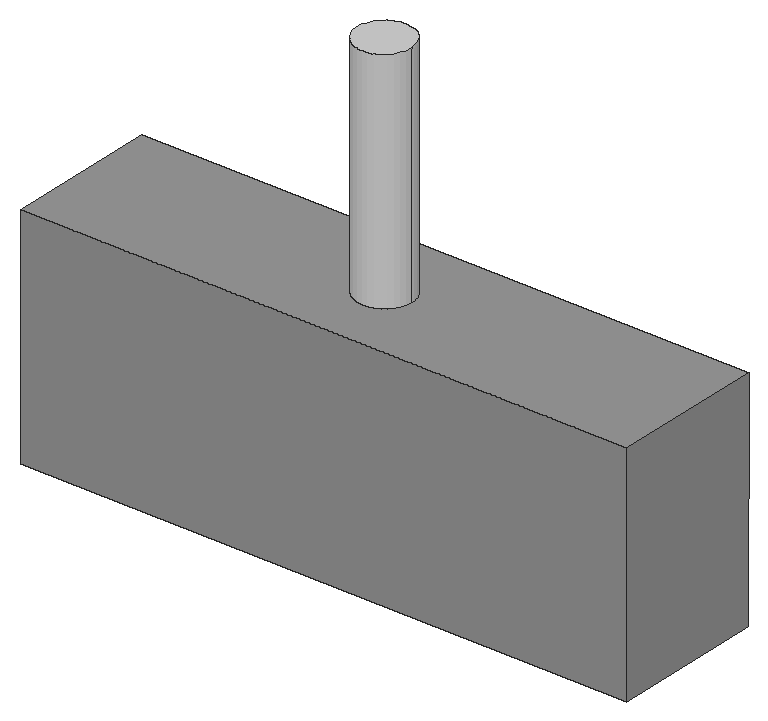
Revit family "Bollard-1_800_Bollards-Low_Speed-Fixed-CS4", category Site, Revit 2017
Family settings
  Round Connector Dimension = Use Diameter
  Part Type = Normal
  OmniClass Number = 23.15.10.11.21
  OmniClass Title = Traffic Safety Barriers and Protections
  Work Plane-Based = No
  Always vertical = Yes
  Cut with Voids When Loaded = No
  Shared = No
Parameters (values of type "8 in 30 mph")
  URL = "https://1800bollards.com/"
  Type Comments = if([6 in Bollard], "6 in 20 mph Low Speed Crash Tested Bollard", if([8 in Bollard], "8 in 30 mph Low Speed Crash Tested Bollard", "4 in 10 mph Low Speed Crash Tested Bollard"))  # "8 in 30 mph Low Speed Crash Tested Bollard"
  Thickness = if([6 in Bollard], 0' 6 159/256", if([8 in Bollard], 0' 8 159/256", 0' 4 1/2"))  # 0' - 8 159/256"
  Stainless Steel = not(Carbon Steel)  # yes
  Sloped Offset [instance] = if(Sloped, 0' 0", Thickness)  # 0' - 8 159/256"
  Sloped [instance] = no
  Reveal Offset [instance] = if(Reveal, 0' 2 179/256", 0' 0")  # 0' - 0"
  Reveal [instance] = no
  Rebar by others = yes
  Product Page URL = "https://1800bollards.com/20-mph-low-speed-crash-tested-bollards/"
  Product Name = "Low Speed Crash Tested Bollards"  # constant formula
  Product Documentation Link = "https://1800bollards.com/20-mph-low-speed-crash-tested-bollards/"
  Model = "Fixed Low Speed Crash Tested Bollard"  # constant formula
  Manufacturer = "1-800-BOLLARDS"  # constant formula
  Height Below Grade = 1' - 5 1/4"  # constant formula
  Height = 3' - 0"  # constant formula
  Foundation Width = 2' - 0"  # constant formula
  Foundation Length = if([4 in Bollard], 5' 0", 8' 0")  # 8' - 0"
  Foundation Depth = 3' - 0"  # constant formula
  Flat [instance] = not(or(or(Dome, Reveal, Sloped)))  # yes
  Finish = Metal-1_800_Bollards-Stainless_Steel
  Dome Offset [instance] = if(Dome, 0' 0", Dome Height + 0' 1")  # 0' - 3.4887"
  Dome Height = Bollard Radius * tan(30.00°)  # 0' - 2.4887"
  Dome [instance] = no
  Description = if(Carbon Steel, "Carbon Steel Low Speed Fixed Bollard", "Stainless Steel Low Speed Fixed Bollard")  # "Stainless Steel Low Speed Fixed Bollard"
  Concrete by others = yes
  Concrete Finish by others = Concrete, Lightweight
  Carbon Steel = no
  Bollard Radius = Thickness / 2  # 0' - 4.31055"
  Bollard Cap Radius = Bollard Radius + 0' 1 215/256"  # 0' - 6.15039"
  Assembly Code = "G2020400"
  8 in Bollard = yes
  6 in Bollard = no
  4 in Bollard = not(or([6 in Bollard], [8 in Bollard]))  # no
Types (3): name | Type Comments | Thickness | Sloped Offset | Foundation Length | Dome Offset | Dome Height | Bollard Radius | Bollard Cap Radius | Assembly Code | 8 in Bollard | 6 in Bollard | 4 in Bollard
  6 in 20 mph | "6 in 20 mph Low Speed Crash Tested Bollard" | 0' - 6 159/256" | 0' - 6 159/256" | 8' - 0" | 0' - 2.91135" | 0' - 1.91135" | 0' - 3.31055" | 0' - 5.15039" | "G2010400" | no | yes | no
  4 in 10 mph | "4 in 10 mph Low Speed Crash Tested Bollard" | 0' - 4 1/2" | 0' - 4 1/2" | 5' - 0" | 0' - 2.29904" | 0' - 1.29904" | 0' - 2 1/4" | 0' - 4 23/256" | "G2010400" | no | no | yes
  8 in 30 mph | "8 in 30 mph Low Speed Crash Tested Bollard" | 0' - 8 159/256" | 0' - 8 159/256" | 8' - 0" | 0' - 3.4887" | 0' - 2.4887" | 0' - 4.31055" | 0' - 6.15039" | "G2020400" | yes | no | no
Reference planes (in)
  plane 1 "Center (Front/Back)": y = 0
  plane 2: z = 0
  plane 3 "Center (Left/Right)": x = 0
  plane 4 "Top": z = 36
  plane 5 "Bottom": z = -17.25
  plane 6 "Right": x = 4.31055
  plane 7 "Left": x = -4.31055
  plane 8 "Back": y = 4.31055
  plane 9 "Front": y = -4.31055
  plane 10 "Base Plate Top": z = 0.0625
Forms (in)
  Extrusion 1, solid, material "Metal-1_800_Bollards-Stainless_Steel" <- "Finish", detail levels medium+fine
    sketch origin (0, 0, 0) x (1, 0, 0) y (0, 1, 0)
      loop
        circle (0, 0) r 4.31055
    from -17.25 to 36
  Extrusion 2, solid, material "Metal-1_800_Bollards-Stainless_Steel" <- "Finish", detail levels coarse
    sketch origin (0, 0, 0) x (1, 0, 0) y (0, 1, 0)
      loop
        line (-4.31055, 4.31055) -> (-4.31055, -4.31055) -> (4.31055, -4.31055) -> (4.31055, 4.31055) -> (-4.31055, 4.31055)
    from -17.25 to 36
  Extrusion 3, void
    sketch origin (0, 0, 0) x (0, 1, 0) y (0, 0, 1)
      loop
        line (-4.31055, 44.62109) -> (4.31055, 38.58454) -> (4.31055, 44.62109) -> (-4.31055, 44.62109)
    from -4.31055 to 4.31055
  Revolve 4, void
    sketch origin (0, 0, 0.125) x (1, 0, 0) y (0, 0, 1)
      loop
        line (4.1567, 37.125) -> (4.1567, 35.875) -> (4.31055, 35.875) -> (4.31055, 37.125) -> (4.1567, 37.125)
      axis (0, 35.875) -> (0, 37.125)
    angle from 0 to 360
  Revolve 5, void
    sketch origin (0, 0, 0) x (1, 0, 0) y (0, 0, 1)
      loop
        line (4.31055, 37) -> (4.31055, 39.4887) -> (0, 39.4887)
        arc (0, 39.4887) -> (2.4887, 38.82185) -> (4.31055, 37) r 4.97739
      axis (0, 39.4887) -> (0, 37)
    angle from 0 to 360
  Extrusion 6, solid, material "Concrete, Lightweight" <- "Concrete Finish by others", visible <- "Concrete by others"
    sketch origin (0, 0, 0) x (0, 1, 0) y (0, 0, 1)
      loop
        line (12, 0) -> (-12, 0) -> (-12, -36) -> (12, -36) -> (12, 0)
    from -48 to 48
Cuts and joins
  Extrusion 3, Revolve 4, Revolve 5 cuts Extrusion 1
Dimensions and locks (in)
  "Height": plane 4 "Top" to level
  "Height Below Grade": level to plane 5 "Bottom"
  "Thickness": plane 7 "Left" to plane 6 "Right"
  "Thickness": plane 9 "Front" to plane 8 "Back"
  equal spacing: plane 9 "Front", plane 1 "Center (Front/Back)", plane 8 "Back"
  equal spacing: plane 7 "Left", plane 3 "Center (Left/Right)", plane 6 "Right"
  "Sloped Offset": Extrusion 3 sketch curve to plane 4 "Top"
  plane 6 "Right" to Revolve 4 sketch curve to Revolve 4 sketch curve = 0' - 0" locked, 0' - 0.15385" locked
  "Reveal Offset": plane 4 "Top" to Revolve 4 sketch curve
  locked: Revolve 4 sketch curve to Revolve 4 sketch curve at 1.25
  "Dome Offset": Revolve 5 sketch curve to plane 4 "Top"
  "Dome Height": Revolve 5 sketch curve to Revolve 5 sketch curve
  locked: plane 10 "Base Plate Top" to level at 0.0625
  "Foundation Depth": Extrusion 6 to level
  "Foundation Width": Extrusion 6 to Extrusion 6
  equal spacing: Extrusion 6, plane 1 "Center (Front/Back)", Extrusion 6
  equal spacing: Extrusion 6, plane 3 "Center (Left/Right)", Extrusion 6
  "Foundation Length": Extrusion 6 to Extrusion 6
  locked: plane 1 "Center (Front/Back)" to nested 3 at 12
  locked: plane 3 "Center (Left/Right)" to Extrusion 1 sketch curve at 0
  locked: plane 1 "Center (Front/Back)" to Extrusion 1 sketch curve at 0
  "Bollard Radius": radius of Extrusion 1 sketch curve
  locked: Extrusion 3 sketch curve to plane 4 "Top" (angle 35.00°)
  aligned and locked: plane 2 to level
  aligned and locked: plane 4 "Top" to Extrusion 1
  aligned and locked: plane 8 "Back" to Extrusion 2 sketch curve
  aligned and locked: plane 7 "Left" to Extrusion 2 sketch curve
  aligned and locked: Extrusion 2 sketch curve to plane 9 "Front"
  aligned and locked: Extrusion 2 sketch curve to plane 6 "Right"
  aligned and locked: plane 4 "Top" to Extrusion 2
  aligned and locked: Revolve 4 sketch curve to plane 3 "Center (Left/Right)"
  aligned and locked: plane 6 "Right" to Revolve 5 sketch curve
  aligned and locked: plane 3 "Center (Left/Right)" to Revolve 5 sketch curve
  aligned and locked: plane 5 "Bottom" to Extrusion 1
  aligned and locked: plane 6 "Right" to Extrusion 3
  aligned and locked: Extrusion 3 to plane 7 "Left"
  aligned and locked: Extrusion 3 sketch curve to plane 8 "Back"
  aligned and locked: plane 9 "Front" to Extrusion 3 sketch curve
  aligned and locked: plane 5 "Bottom" to Extrusion 2
  aligned and locked: nested 2 to plane 1 "Center (Front/Back)"
  aligned and locked: nested 2 to level
  aligned and locked: nested 1 to level
  aligned and locked: nested 2 to Extrusion 6 sketch curve
  aligned and locked: plane 3 "Center (Left/Right)" to nested 3
Automatic sketch dimensions
  plane 9 "Front" to Extrusion 6 sketch curve = 0' - 7.68945"
  Extrusion 6 sketch curve to plane 8 "Back" = 0' - 7.68945"
  plane 5 "Bottom" to Extrusion 6 sketch curve = 1' - 6 3/4"
  Revolve 4 sketch curve to plane 4 "Top" = 0' - 0.67477"
  Revolve 4 sketch curve to Revolve 4 sketch curve = 0' - 0.45023"
  Revolve 5 sketch curve to plane 3 "Center (Left/Right)" = 0' - 0"
  Revolve 5 sketch curve to Revolve 5 sketch curve = 0' - 0.90788"
  Revolve 5 sketch curve to Revolve 5 sketch curve = 0' - 0 5/8"
Nested families (in)
  nested 1: "Nested-1_800_Bollards-Low_Speed-Mounting_Detail" at (0, 0, 0) x (1, 0, 0) z (0, -1, 0), type "Mounting Detail Front View"
  nested 2: "Nested-1_800_Bollards-Low_Speed-Mounting_Detail" at (0, 0, 0) x (0, 1, 0) z (1, 0, 0), type "Mounting Detail Side View"
  nested 3: "Nested-1_800_Bollards-Low_Speed-Mounting_Detail_Top" at (0, 12, 0), type "Bollard Top View"
Definition of nested family "Nested-1_800_Bollards-Low_Speed-Mounting_Detail"
  Parameters (values of type "Mounting Detail Side View")
    Width = 2' - 0"
    Warranty = ""
    URL = "https://1800bollards.com/"
    Type Comments = "For use with 1-800-Bollards Models Only"  # constant formula
    Side View Rebar 8 in Bollard = and(and(Side View Rebar, Bollard Width > 0' 7", Rebar by others))  # yes
    Side View Rebar = and(Side View, Rebar by others)  # yes
    Side View = yes
    Rebar by others = yes
    Rebar Spacing = if(Width > 5' 0", 1' 0", 0' 10")  # 0' - 10"
    Rebar Half Quantity = if(Width > 5' 0", 4, 3)  # 3
    Product Page URL = "https://1800bollards.com/20-mph-low-speed-crash-tested-bollards/"
    Product Name = "Low Speed Crash Tested Bollards"  # constant formula
    Product Documentation Link = "https://1800bollards.com/20-mph-low-speed-crash-tested-bollards/"
    Model = "Fixed Bollard Mounting Detail"  # constant formula
    Manufacturer = "1-800-BOLLARDS"  # constant formula
    Lid Height = Bollard Width + 0' 1 233/256"  # 0' - 10 17/32"
    Lid Depth = Bollard Width + 0' 8 9/128"  # 1' - 4 177/256"
    Front View Rebar 8 in Bollard = and(and(Front View Rebar, Bollard Width > 0' 7", Rebar by others))  # no
    Front View Rebar = and(Front View, Rebar by others)  # no
    Front View = not(Side View)  # no
    Description = "Fixed Low Speed Bollard"  # constant formula
    Depth = 3' - 0"
    Concrete by others = yes
    Center Spacing = 0' - 8.17511"
    Bollard Width = 0' - 8 159/256"
    Bollard Radius = Bollard Width / 2  # 0' - 4.31055"
    Bollard Depth = 1' - 5 1/4"
  Types (2): name | Width | Side View Rebar 8 in Bollard | Side View Rebar | Side View | Rebar Spacing | Rebar Half Quantity | Front View Rebar 8 in Bollard | Front View Rebar | Front View
    Mounting Detail Front View | 8' - 0" | no | no | no | 1' - 0" | 4 | yes | yes | yes
    Mounting Detail Side View | 2' - 0" | yes | yes | yes | 0' - 10" | 3 | no | no | no
  Reference planes (in)
    plane 1 "Top": y = 0
    plane 2: z = 0
    plane 3 "Center (Left/Right)": x = 0
    plane 4 "Bottom": y = -36
    plane 5 "Left": x = -12
    plane 6 "Right": x = 12
  Lines and regions (in)
    Filled region 1, type "Concrete", in view "Ref. Level", visible <- "Concrete by others", detail levels medium+fine
      outline origin (0, 0, 0) x (1, 0, 0) y (0, 1, 0)
        loop
          line (-12, 0) -> (-12, -36) -> (12, -36) -> (12, 0) -> (-12, 0)
    Masking region 1, in view "Ref. Level", visible <- "Concrete by others", detail levels coarse
      outline origin (0, 0, 0) x (1, 0, 0) y (0, 1, 0)
        loop
          line (-12, 0) -> (-12, -36) -> (12, -36) -> (12, 0) -> (-12, 0)
    Masking region 2, in view "Ref. Level", visible <- "Front View Rebar", detail levels fine
      outline origin (-10.5, -10.23741, 0) x (-1, 0, 0) y (0, -1, 0)
        loop
          line (-19.46125, -6.98) -> (-19.46125, -7.48) -> (-0.96125, -7.48) -> (-0.96125, -6.98) -> (-19.46125, -6.98)
        loop
          line (-0.96125, 22.5) -> (-0.96125, 23) -> (-19.46125, 23) -> (-19.46125, 22.5) -> (-0.96125, 22.5)
        loop
          line (-19.46125, -5.74) -> (-19.46125, -6.24) -> (-0.96125, -6.24) -> (-0.96125, -5.74) -> (-19.46125, -5.74)
        loop
          line (-19.46125, 3.26) -> (-19.46125, 2.76) -> (-0.96125, 2.76) -> (-0.96125, 3.26) -> (-19.46125, 3.26)
        loop
          line (-19.46125, 12.26) -> (-19.46125, 11.76) -> (-0.96125, 11.76) -> (-0.96125, 12.26) -> (-19.46125, 12.26)
        loop
          line (-19.46125, 21.26) -> (-19.46125, 20.76) -> (-0.96125, 20.76) -> (-0.96125, 21.26) -> (-19.46125, 21.26)
    Masking region 3, in view "Ref. Level", visible <- "Front View Rebar", detail levels fine
      outline origin (19.19753, -54.75767, 0) x (1, 0, 0) y (0, 1, 0)
        loop
          line (-28.20993, 21.02026) -> (-27.70993, 21.02026) -> (-27.70993, 52.13962) -> (-27.62264, 52.13962) -> (-27.62264, 21.02026) -> (-27.37264, 21.02026) -> (-27.12264, 21.02026) -> (-27.12264, 52.49602) -> (-28.20993, 52.49602) -> (-28.20993, 21.02026)
    Masking region 4, in view "Ref. Level", visible <- "Front View Rebar", detail levels fine
      outline origin (36.13503, -54.75767, 0) x (1, 0, 0) y (0, 1, 0)
        loop
          line (-28.79721, 21.02026) -> (-28.29721, 21.02026) -> (-28.29721, 52.13962) -> (-28.20993, 52.13962) -> (-28.20993, 21.02026) -> (-27.95993, 21.02026) -> (-27.70993, 21.02026) -> (-27.70993, 52.49602) -> (-28.79721, 52.49602) -> (-28.79721, 21.02026)
    Masking region 5, in view "Ref. Level", visible <- "Front View Rebar", detail levels fine
      outline origin (36.13503, -54.75767, 0) x (1, 0, 0) y (0, 1, 0)
        loop
          line (-18.79721, 21.02026) -> (-18.29721, 21.02026) -> (-18.29721, 52.13962) -> (-18.20993, 52.13962) -> (-18.20993, 21.02026) -> (-17.95993, 21.02026) -> (-17.70993, 21.02026) -> (-17.70993, 52.49602) -> (-18.79721, 52.49602) -> (-18.79721, 21.02026)
    Masking region 6, in view "Ref. Level", visible <- "Front View Rebar", detail levels fine
      outline origin (36.13503, -54.75767, 0) x (1, 0, 0) y (0, 1, 0)
        loop
          line (-8.79721, 21.02026) -> (-8.29721, 21.02026) -> (-8.29721, 52.13962) -> (-8.20993, 52.13962) -> (-8.20993, 21.02026) -> (-7.95993, 21.02026) -> (-7.70993, 21.02026) -> (-7.70993, 52.49602) -> (-8.79721, 52.49602) -> (-8.79721, 21.02026)
    Masking region 7, in view "Ref. Level", visible <- "Front View Rebar", detail levels fine
      outline origin (19.19753, -54.75767, 0) x (1, 0, 0) y (0, 1, 0)
        loop
          line (-38.20993, 21.02026) -> (-37.70993, 21.02026) -> (-37.70993, 52.13962) -> (-37.62264, 52.13962) -> (-37.62264, 21.02026) -> (-37.37264, 21.02026) -> (-37.12264, 21.02026) -> (-37.12264, 52.49602) -> (-38.20993, 52.49602) -> (-38.20993, 21.02026)
    Masking region 8, in view "Ref. Level", visible <- "Front View Rebar", detail levels fine
      outline origin (19.19753, -54.75767, 0) x (1, 0, 0) y (0, 1, 0)
        loop
          line (-48.20993, 21.02026) -> (-47.70993, 21.02026) -> (-47.70993, 52.13962) -> (-47.62264, 52.13962) -> (-47.62264, 21.02026) -> (-47.37264, 21.02026) -> (-47.12264, 21.02026) -> (-47.12264, 52.49602) -> (-48.20993, 52.49602) -> (-48.20993, 21.02026)
    Masking region 9, in view "Ref. Level", visible <- "Front View Rebar", detail levels fine
      outline origin (-122.73384, 0, 0) x (1, 0, 0) y (0, 1, 0)
        loop
          line (93.00623, -4.74) -> (93.00623, -5.24) -> (151.91894, -5.24) -> (151.91894, -4.74) -> (93.00623, -4.74)
        loop
          line (93.00623, -7.74) -> (93.00623, -8.24) -> (151.91894, -8.24) -> (151.91894, -7.74) -> (93.00623, -7.74)
        loop
          line (93.00623, -9.74) -> (93.00623, -10.24) -> (151.91894, -10.24) -> (151.91894, -9.74) -> (93.00623, -9.74)
        loop
          line (93.00623, -12.74) -> (93.00623, -13.24) -> (151.91894, -13.24) -> (151.91894, -12.74) -> (93.00623, -12.74)
    Masking region 10, in view "Ref. Level", visible <- "Front View Rebar 8 in Bollard", detail levels fine
      outline origin (-122.73384, -3, 0) x (1, 0, 0) y (0, 1, 0)
        loop
          line (93.00623, -12.74) -> (93.00623, -13.24) -> (151.91894, -13.24) -> (151.91894, -12.74) -> (93.00623, -12.74)
    Masking region 11, in view "Ref. Level", visible <- "Side View Rebar", detail levels fine
      outline origin (0, 0, 0) x (1, 0, 0) y (0, 1, 0)
        loop
          line (6.99, -1.5) -> (-7.01, -1.5)
          arc (-7.01, -1.5) -> (-8.42421, -2.08579) -> (-9.01, -3.5) r 2
          line (-9.01, -3.5) -> (-9.01, -31)
          arc (-9.01, -31) -> (-8.42421, -32.41421) -> (-7.01, -33) r 2
          line (-7.01, -33) -> (6.99, -33)
          arc (6.99, -33) -> (8.40421, -32.41421) -> (8.99, -31) r 2
          line (8.99, -31) -> (8.99, -3.5)
          arc (8.99, -3.5) -> (8.40421, -2.08579) -> (6.99, -1.5) r 2
        loop
          arc (-7.01, -2) -> (-8.07066, -2.43934) -> (-8.51, -3.5) r 1.5
          line (-8.51, -3.5) -> (-8.51, -31)
          arc (-8.51, -31) -> (-8.07066, -32.06066) -> (-7.01, -32.5) r 1.5
          line (-7.01, -32.5) -> (6.99, -32.5)
          arc (6.99, -32.5) -> (8.05066, -32.06066) -> (8.49, -31) r 1.5
          line (8.49, -31) -> (8.49, -3.5)
          arc (8.49, -3.5) -> (8.05066, -2.43934) -> (6.99, -2) r 1.5
          line (6.99, -2) -> (-7.01, -2)
    Masking region 12, in view "Ref. Level", visible <- "Side View Rebar", detail levels fine
      outline origin (-153.00217, -89.31846, 0) x (1, 0, 0) y (0, 1, 0)
        loop
          line (144.26217, 84.55846) -> (144.26217, 84.05846) -> (159.00217, 84.05846) -> (159.00217, 84.55846) -> (144.26217, 84.55846)
        loop
          line (144.26217, 81.55846) -> (144.26217, 81.05846) -> (159.00217, 81.05846) -> (159.00217, 81.55846) -> (144.26217, 81.55846)
        loop
          line (147.00043, 79.55846) -> (147.00043, 79.05846) -> (161.76217, 79.05846) -> (161.76217, 79.55846) -> (147.00043, 79.55846)
        loop
          line (147.00043, 76.55846) -> (147.00043, 76.05846) -> (161.76217, 76.05846) -> (161.76217, 76.55846) -> (147.00043, 76.55846)
    Masking region 13, in view "Ref. Level", visible <- "Side View Rebar 8 in Bollard", detail levels fine
      outline origin (-153.00217, -89.31846, 0) x (1, 0, 0) y (0, 1, 0)
        loop
          line (147.00043, 73.55846) -> (147.00043, 73.05846) -> (161.76217, 73.05846) -> (161.76217, 73.55846) -> (147.00043, 73.55846)
    Masking region 14, in view "Ref. Level", visible <- "Side View Rebar", detail levels fine
      outline origin (0, 0, 0) x (1, 0, 0) y (0, 1, 0)
        loop
          line (-5.5, -1.76) -> (-5.5, -32.76) -> (-5, -32.76) -> (-5, -1.76) -> (-5.5, -1.76)
        loop
          line (5, -1.76) -> (5, -32.76) -> (5.5, -32.76) -> (5.5, -1.76) -> (5, -1.76)
    Masking region 15, in view "Ref. Level", detail levels medium+fine
      outline origin (0, 0, 0) x (1, 0, 0) y (0, 1, 0)
        loop
          line (-1.01, -35.86) -> (0.99, -35.86) -> (0.99, -17.25) -> (-1.01, -17.25) -> (-1.01, -35.86)
    Masking region 16, in view "Ref. Level", detail levels medium+fine
      outline origin (0, 0, 0) x (1, 0, 0) y (0, 1, 0)
        loop
          line (-4.31055, 0) -> (-4.31055, -17.25) -> (4.31055, -17.25) -> (4.31055, 0) -> (-4.31055, 0)
    detail lines, in view "Ref. Level", detail levels medium+fine
      curve 1: line (-4.31055, 0, 0) -> (-4.31055, -17.25, 0)
      curve 2: line (4.31055, -17.25, 0) -> (4.31055, 0, 0)
  Dimensions and locks (in)
    "Depth": plane 4 "Bottom" to plane 1 "Top"
    "Width": plane 5 "Left" to plane 6 "Right"
    equal spacing: plane 5 "Left", plane 3 "Center (Left/Right)", plane 6 "Right"
    equal spacing: curve 1, plane 3 "Center (Left/Right)", curve 2
    "Bollard Width": curve 1 to curve 2
    plane 1 "Top" to Masking region 2 sketch curve to Masking region 2 sketch curve to Masking region 2 sketch curve to Masking region 2 sketch curve to Masking region 2 sketch curve to Masking region 2 sketch curve to Masking region 2 sketch curve to Masking region 2 sketch curve to Masking region 2 sketch curve to Masking region 2 sketch curve to Masking region 2 sketch curve to Masking region 2 sketch curve = 0' - 2.75741" locked, 0' - 0 1/2" locked, 0' - 0.74" locked, 0' - 0 1/2" locked, 0' - 8 1/2" locked, 0' - 0 1/2" locked, 0' - 8 1/2" locked, 0' - 0 1/2" locked, 0' - 8 1/2" locked, 0' - 0 1/2" locked, 0' - 1.24" locked, 0' - 0 1/2" locked
    plane 5 "Left" to Masking region 2 sketch curve to Masking region 2 sketch curve to Masking region 2 sketch curve to Masking region 2 sketch curve to Masking region 2 sketch curve to Masking region 2 sketch curve = 0' - 2.46125" locked, 0' - 0" locked, 0' - 0" locked, 0' - 0" locked, 0' - 0" locked, 0' - 0" locked
    Masking region 2 sketch curve to Masking region 2 sketch curve to Masking region 2 sketch curve to Masking region 2 sketch curve to Masking region 2 sketch curve to Masking region 2 sketch curve to plane 6 "Right" = 0' - 0" locked, 0' - 0" locked, 0' - 0" locked, 0' - 0" locked, 0' - 0" locked, 0' - 3.03875" locked
    equal spacing: group 1, group 2, group 3  (x3)
    equal spacing: group 6, group 5, group 4
    equal spacing: group 4, group 5, group 6  (x2)
    "Center Spacing": Masking region 3 to plane 3 "Center (Left/Right)"
    "Rebar Spacing": Masking region 3 to Masking region 7
    "Center Spacing": plane 3 "Center (Left/Right)" to Masking region 4
    "Rebar Spacing": Masking region 5 to Masking region 4
    Masking region 4 sketch curve to Masking region 4 sketch curve to Masking region 4 sketch curve to Masking region 4 sketch curve = 0' - 0 1/2" locked, 0' - 0.08728" locked, 0' - 0 1/2" locked
    Masking region 4 sketch curve to Masking region 4 sketch curve to Masking region 4 sketch curve to Masking region 4 sketch curve = 0' - 0" locked, 2' - 7.11936" locked, 0' - 0.35641" locked
    Masking region 5 sketch curve to Masking region 5 sketch curve to Masking region 5 sketch curve to Masking region 5 sketch curve = 0' - 0 1/2" locked, 0' - 0.08728" locked, 0' - 0 1/2" locked
    Masking region 5 sketch curve to Masking region 5 sketch curve to Masking region 5 sketch curve to Masking region 5 sketch curve = 0' - 0" locked, 2' - 7.11936" locked, 0' - 0.35641" locked
    Masking region 6 sketch curve to Masking region 6 sketch curve to Masking region 6 sketch curve to Masking region 6 sketch curve = 0' - 0 1/2" locked, 0' - 0.08728" locked, 0' - 0 1/2" locked
    Masking region 6 sketch curve to Masking region 6 sketch curve to Masking region 6 sketch curve to Masking region 6 sketch curve = 0' - 0" locked, 2' - 7.11936" locked, 0' - 0.35641" locked
    Masking region 3 sketch curve to Masking region 3 sketch curve to Masking region 3 sketch curve to Masking region 3 sketch curve = 0' - 0 1/2" locked, 0' - 0.08728" locked, 0' - 0 1/2" locked
    Masking region 3 sketch curve to Masking region 3 sketch curve to Masking region 3 sketch curve to Masking region 3 sketch curve = 0' - 0" locked, 2' - 7.11936" locked, 0' - 0.35641" locked
    Masking region 7 sketch curve to Masking region 7 sketch curve to Masking region 7 sketch curve to Masking region 7 sketch curve = 0' - 0 1/2" locked, 0' - 0.08728" locked, 0' - 0 1/2" locked
    Masking region 7 sketch curve to Masking region 7 sketch curve to Masking region 7 sketch curve to Masking region 7 sketch curve = 0' - 0" locked, 2' - 7.11936" locked, 0' - 0.35641" locked
    Masking region 8 sketch curve to Masking region 8 sketch curve to Masking region 8 sketch curve to Masking region 8 sketch curve = 0' - 0 1/2" locked, 0' - 0.08728" locked, 0' - 0 1/2" locked
    Masking region 8 sketch curve to Masking region 8 sketch curve to Masking region 8 sketch curve to Masking region 8 sketch curve = 0' - 0" locked, 2' - 7.11936" locked, 0' - 0.35641" locked
    locked: Masking region 4 to plane 1 "Top" at 2.26165
    locked: Masking region 6 to plane 1 "Top" at 2.26165
    locked: Masking region 8 to plane 1 "Top" at 2.26165
    locked: Masking region 3 to plane 1 "Top" at 2.26165
    Masking region 3 to Masking region 4 = 1' - 4.35022"
    Masking region 9 sketch curve to Masking region 9 sketch curve to Masking region 9 sketch curve to Masking region 9 sketch curve to Masking region 8 = 0' - 0" locked, 0' - 0" locked, 0' - 0" locked, 0' - 0.71522" locked
    Masking region 6 to Masking region 9 sketch curve to Masking region 9 sketch curve to Masking region 9 sketch curve to Masking region 9 sketch curve = 0' - 0.76" locked, 0' - 0" locked, 0' - 0" locked, 0' - 0" locked
    locked: Masking region 6 to Masking region 10 sketch curve at 0.76
    locked: Masking region 10 sketch curve to Masking region 8 at 0.71522
    plane 1 "Top" to Masking region 9 sketch curve to Masking region 9 sketch curve to Masking region 9 sketch curve to Masking region 9 sketch curve to Masking region 9 sketch curve to Masking region 9 sketch curve to Masking region 9 sketch curve to Masking region 9 sketch curve = 0' - 4.74" locked, 0' - 0 1/2" locked, 0' - 2 1/2" locked, 0' - 0 1/2" locked, 0' - 1 1/2" locked, 0' - 0 1/2" locked, 0' - 2 1/2" locked, 0' - 0 1/2" locked
    Masking region 10 sketch curve to Masking region 10 sketch curve to plane 1 "Top" = 0' - 0 1/2" locked, 1' - 3.74" locked
    Masking region 11 sketch curve to Masking region 11 sketch curve to plane 3 "Center (Left/Right)" to Masking region 11 sketch curve to Masking region 11 sketch curve = 0' - 0 1/2" locked, 0' - 8.51" locked, 0' - 8.49" locked, 0' - 0 1/2" locked
    Masking region 11 sketch curve to Masking region 11 sketch curve to Masking region 11 sketch curve to Masking region 11 sketch curve to plane 1 "Top" = 0' - 0 1/2" locked, 2' - 6 1/2" locked, 0' - 0 1/2" locked, 0' - 1 1/2" locked
    "Bollard Depth": plane 1 "Top" to Masking region 15 sketch curve
    locked: Masking region 15 sketch curve to plane 4 "Bottom" at 0.14
    Masking region 15 sketch curve to plane 3 "Center (Left/Right)" to Masking region 15 sketch curve = 0' - 1.01" locked, 0' - 0.99" locked
    "Bollard Depth": plane 1 "Top" to Masking region 16 sketch curve
    Masking region 12 sketch curve to Masking region 12 sketch curve to Masking region 12 sketch curve to Masking region 12 sketch curve to plane 3 "Center (Left/Right)" to Masking region 12 sketch curve to Masking region 12 sketch curve to Masking region 12 sketch curve to Masking region 12 sketch curve = 0' - 0" locked, 0' - 2.73826" locked, 0' - 0" locked, 0' - 6.00174" locked, 0' - 6" locked, 0' - 0" locked, 0' - 2.76" locked, 0' - 0" locked
    Masking region 12 sketch curve to Masking region 12 sketch curve to Masking region 12 sketch curve to Masking region 12 sketch curve to Masking region 12 sketch curve to Masking region 12 sketch curve to Masking region 12 sketch curve to Masking region 12 sketch curve to plane 1 "Top" = 0' - 0 1/2" locked, 0' - 2 1/2" locked, 0' - 0 1/2" locked, 0' - 1 1/2" locked, 0' - 0 1/2" locked, 0' - 2 1/2" locked, 0' - 0 1/2" locked, 0' - 4.76" locked
    Masking region 13 sketch curve to plane 3 "Center (Left/Right)" to Masking region 13 sketch curve = 0' - 6.00174" locked, 0' - 8.76" locked
    Masking region 13 sketch curve to Masking region 13 sketch curve to plane 1 "Top" = 0' - 0 1/2" locked, 1' - 3.76" locked
    Masking region 14 sketch curve to Masking region 14 sketch curve to plane 3 "Center (Left/Right)" to Masking region 14 sketch curve to Masking region 14 sketch curve = 0' - 0 1/2" locked, 0' - 5" locked, 0' - 5" locked, 0' - 0 1/2" locked
    Masking region 14 sketch curve to Masking region 14 sketch curve to Masking region 14 sketch curve to Masking region 14 sketch curve to plane 1 "Top" = 0' - 0" locked, 2' - 7" locked, 0' - 0" locked, 0' - 1.76" locked
    equal spacing: Masking region 16 sketch curve, plane 3 "Center (Left/Right)", Masking region 16 sketch curve
    "Bollard Width": Masking region 16 sketch curve to Masking region 16 sketch curve
    aligned and locked: plane 1 "Top" to Filled region 1 sketch curve
    aligned and locked: plane 1 "Top" to Masking region 1 sketch curve
    aligned and locked: plane 4 "Bottom" to Masking region 1 sketch curve
    aligned and locked: plane 6 "Right" to Masking region 1 sketch curve
    aligned and locked: plane 5 "Left" to Masking region 1 sketch curve
    aligned and locked: plane 5 "Left" to Filled region 1 sketch curve
    aligned and locked: plane 6 "Right" to Filled region 1 sketch curve
    aligned and locked: plane 4 "Bottom" to Filled region 1 sketch curve
    aligned and locked: Masking region 16 to curve 1
    aligned and locked: Masking region 16 to curve 2
    aligned and locked: plane 1 "Top" to curve 2
    aligned and locked: plane 1 "Top" to curve 1
    aligned and locked: plane 1 "Top" to Masking region 16 sketch curve
  Automatic sketch dimensions
    Masking region 3 sketch curve to Masking region 3 sketch curve = 0' - 0 1/4"
    Masking region 4 sketch curve to Masking region 4 sketch curve = 0' - 0 1/4"
    Masking region 5 sketch curve to Masking region 5 sketch curve = 0' - 0 1/4"
    Masking region 6 sketch curve to Masking region 6 sketch curve = 0' - 0 1/4"
    Masking region 7 sketch curve to Masking region 7 sketch curve = 0' - 0 1/4"
    Masking region 8 sketch curve to Masking region 8 sketch curve = 0' - 0 1/4"
    Masking region 11 sketch curve to Masking region 11 sketch curve = 0' - 0"  (x4)
    Masking region 11 sketch curve to Masking region 11 sketch curve = 0' - 1 1/2"  (x3)
    Masking region 11 sketch curve to Masking region 11 sketch curve = 1' - 2"
    plane 1 "Top" to curve 2 = 1' - 5 1/4"
    curve 1 to curve 2 = 0' - 0"
Definition of nested family "Nested-1_800_Bollards-Low_Speed-Mounting_Detail_Top"
  Parameters (values of type "Bollard Top View")
    Width = 8' - 0"
    Warranty = ""
    URL = "https://1800bollards.com/"
    Type Comments = "For use with 1-800-Bollards Models Only"  # constant formula
    Rebar by others = yes
    Rebar Spacing = if(Width > 5' 0", 1' 0", 0' 10")  # 1' - 0"
    Rebar Half Quantity = if(Width > 5' 0", 4, 3)  # 4
    Product Page URL = "https://1800bollards.com/20-mph-low-speed-crash-tested-bollards/"
    Product Name = "Low Speed Crash Tested Bollards"  # constant formula
    Product Documentation Link = "https://1800bollards.com/20-mph-low-speed-crash-tested-bollards/"
    Model = "Fixed Bollard Mounting Detail"  # constant formula
    Manufacturer = "1-800-BOLLARDS"  # constant formula
    Description = "Fixed Low Speed Bollard"  # constant formula
    Depth = 2' - 0"  # constant formula
    Concrete by others = yes
    Center Spacing = if(Width > 5' 0", 0' 8 45/256", 0' 6 15/32")  # 0' - 8 45/256"
    Bollard Width = 0' - 8 159/256"
    Bollard Radius = Bollard Width / 2  # 0' - 4.31055"
    8 in Bollard Rebar = and(Rebar by others, [8 in Bollard])  # yes
    8 in Bollard = yes
    6 in Bollard Rebar = and(Rebar by others, [6 in Bollard])  # no
    6 in Bollard = no
    4 in Bollard Rebar = and(Rebar by others, [4 in Bollard])  # no
    4 in Bollard = no
  Reference planes (in)
    plane 1 "Top": y = 0
    plane 2: z = 0
    plane 3 "Center (Left/Right)": x = 0
    plane 4 "Bottom": y = -24
    plane 5 "Left": x = -48
    plane 6 "Right": x = 48
  Lines and regions (in)
    Filled region 1, type "Concrete", in view "Ref. Level", visible <- "Concrete by others", detail levels medium+fine
      outline origin (0, 0, 0) x (1, 0, 0) y (0, 1, 0)
        loop
          line (-48, 0) -> (-48, -24) -> (48, -24) -> (48, 0) -> (-48, 0)
    Masking region 1, in view "Ref. Level", detail levels coarse
      outline origin (0, 0, 0) x (1, 0, 0) y (0, 1, 0)
        loop
          line (-48, 0) -> (-48, -24) -> (48, -24) -> (48, 0) -> (-48, 0)
    Masking region 2, in view "Ref. Level", visible <- "Rebar by others", detail levels fine
      outline origin (-10.5, -10.23741, 0) x (-1, 0, 0) y (0, -1, 0)
        loop
          line (-55.46125, -6.23741) -> (-55.46125, -6.73741) -> (35.03875, -6.73741) -> (35.03875, -6.23741) -> (-55.46125, -6.23741)
        loop
          line (-55.46125, -3.73741) -> (-55.46125, -4.23741) -> (35.03875, -4.23741) -> (35.03875, -3.73741) -> (-55.46125, -3.73741)
        loop
          line (-55.46125, 7.76259) -> (-55.46125, 7.26259) -> (35.03875, 7.26259) -> (35.03875, 7.76259) -> (-55.46125, 7.76259)
        loop
          line (-55.46125, 10.26259) -> (-55.46125, 9.76259) -> (35.03875, 9.76259) -> (35.03875, 10.26259) -> (-55.46125, 10.26259)
    Masking region 3, in view "Ref. Level", visible <- "Rebar by others", detail levels fine
      outline origin (19.19753, -54.75767, 0) x (1, 0, 0) y (0, 1, 0)
        loop
          line (-26.50357, 33.75767) -> (-26.00357, 33.75767) -> (-26.00357, 51.40127) -> (-25.91628, 51.40127) -> (-25.91628, 43.75767) -> (-25.66628, 43.75767) -> (-25.41628, 43.75767) -> (-25.41628, 51.75767) -> (-26.50357, 51.75767) -> (-26.50357, 33.75767)
    Masking region 4, in view "Ref. Level", visible <- "Rebar by others", detail levels fine
      outline origin (36.13503, -54.75767, 0) x (1, 0, 0) y (0, 1, 0)
        loop
          line (-28.79654, 33.75767) -> (-28.29654, 33.75767) -> (-28.29654, 51.40127) -> (-28.20925, 51.40127) -> (-28.20925, 43.75767) -> (-27.95925, 43.75767) -> (-27.70925, 43.75767) -> (-27.70925, 51.75767) -> (-28.79654, 51.75767) -> (-28.79654, 33.75767)
    Masking region 5, in view "Ref. Level", visible <- "Rebar by others", detail levels fine
      outline origin (36.13503, -54.75767, 0) x (1, 0, 0) y (0, 1, 0)
        loop
          line (-16.79654, 33.75767) -> (-16.29654, 33.75767) -> (-16.29654, 51.40127) -> (-16.20925, 51.40127) -> (-16.20925, 43.75767) -> (-15.95925, 43.75767) -> (-15.70925, 43.75767) -> (-15.70925, 51.75767) -> (-16.79654, 51.75767) -> (-16.79654, 33.75767)
    Masking region 6, in view "Ref. Level", visible <- "Rebar by others", detail levels fine
      outline origin (36.13503, -54.75767, 0) x (1, 0, 0) y (0, 1, 0)
        loop
          line (-4.79654, 33.75767) -> (-4.29654, 33.75767) -> (-4.29654, 51.40127) -> (-4.20925, 51.40127) -> (-4.20925, 43.75767) -> (-3.95925, 43.75767) -> (-3.70925, 43.75767) -> (-3.70925, 51.75767) -> (-4.79654, 51.75767) -> (-4.79654, 33.75767)
    Masking region 7, in view "Ref. Level", visible <- "Rebar by others", detail levels fine
      outline origin (19.19753, -54.75767, 0) x (1, 0, 0) y (0, 1, 0)
        loop
          line (-38.50357, 33.75767) -> (-38.00357, 33.75767) -> (-38.00357, 51.40127) -> (-37.91628, 51.40127) -> (-37.91628, 43.75767) -> (-37.66628, 43.75767) -> (-37.41628, 43.75767) -> (-37.41628, 51.75767) -> (-38.50357, 51.75767) -> (-38.50357, 33.75767)
    Masking region 8, in view "Ref. Level", visible <- "Rebar by others", detail levels fine
      outline origin (19.19753, -54.75767, 0) x (1, 0, 0) y (0, 1, 0)
        loop
          line (-50.50357, 33.75767) -> (-50.00357, 33.75767) -> (-50.00357, 51.40127) -> (-49.91628, 51.40127) -> (-49.91628, 43.75767) -> (-49.66628, 43.75767) -> (-49.41628, 43.75767) -> (-49.41628, 51.75767) -> (-50.50357, 51.75767) -> (-50.50357, 33.75767)
    Masking region 9, in view "Ref. Level", visible <- "4 in Bollard Rebar", detail levels fine
      outline origin (-283.12883, -71.81953, 0) x (1, 0, 0) y (0, 1, 0)
        loop
          line (279.22496, 60.65816) -> (256.18968, 51.76843) -> (256.36677, 51.30848) -> (279.66525, 60.27902)
          arc (279.66525, 60.27902) -> (283.12883, 63.32173) -> (286.60688, 60.29557) r 3.5022
          line (286.60688, 60.29557) -> (309.92754, 51.30848) -> (310.10513, 51.76824) -> (287.0457, 60.67522)
          arc (287.0457, 60.67522) -> (283.12845, 63.82062) -> (279.22496, 60.65816) r 4.00109
    Masking region 10, in view "Ref. Level", visible <- "6 in Bollard Rebar", detail levels fine
      outline origin (-283.12105, -70.82109, 0) x (1, 0, 0) y (0, 1, 0)
        loop
          line (278.44976, 60.59054) -> (249.52519, 50.52096) -> (249.69989, 50.06722) -> (278.84617, 60.21399)
          arc (278.84617, 60.21399) -> (283.12105, 63.32109) -> (287.40162, 60.22182) r 4.5
          line (287.40162, 60.22182) -> (316.59334, 50.05887) -> (316.75326, 50.51824) -> (287.80256, 60.59691)
          arc (287.80256, 60.59691) -> (283.12396, 63.82067) -> (278.44976, 60.59054) r 5.00193
    Masking region 11, in view "Ref. Level", visible <- "8 in Bollard Rebar", detail levels fine
      outline origin (-283.12914, -69.81777, 0) x (1, 0, 0) y (0, 1, 0)
        loop
          line (277.80463, 60.59105) -> (249.35954, 49.51779) -> (249.54352, 49.03995) -> (278.16996, 60.20426)
          arc (278.16996, 60.20426) -> (283.12914, 63.32117) -> (288.08817, 60.20401) r 5.50341
          line (288.08817, 60.20401) -> (316.7248, 49.03572) -> (316.91057, 49.51292) -> (288.45285, 60.59103)
          arc (288.45285, 60.59103) -> (283.12874, 63.82061) -> (277.80463, 60.59105) r 6.00332
    Masking region 12, in view "Ref. Level", visible <- "4 in Bollard Rebar", detail levels fine
      outline origin (-300.62883, 47.81953, 0) x (0, -1, 0) y (1, 0, 0)
        loop
          arc (60.65816, 296.72496) -> (63.82062, 300.62845) -> (60.67522, 304.5457) r 4.00109
          line (60.67522, 304.5457) -> (51.76824, 327.60513) -> (51.30848, 327.42754) -> (60.29557, 304.10688)
          arc (60.29557, 304.10688) -> (63.32173, 300.62883) -> (60.27902, 297.16525) r 3.5022
          line (60.27902, 297.16525) -> (51.30848, 273.86677) -> (51.76843, 273.68968) -> (60.65816, 296.72496)
    Masking region 13, in view "Ref. Level", visible <- "6 in Bollard Rebar", detail levels fine
      outline origin (-283.12105, 46.82109, 0) x (0, -1, 0) y (1, 0, 0)
        loop
          arc (60.59054, 278.44976) -> (63.82067, 283.12396) -> (60.59691, 287.80256) r 5.00193
          line (60.59691, 287.80256) -> (50.51824, 316.75326) -> (50.05887, 316.59334) -> (60.22182, 287.40162)
          arc (60.22182, 287.40162) -> (63.32109, 283.12105) -> (60.21399, 278.84617) r 4.5
          line (60.21399, 278.84617) -> (50.06722, 249.69989) -> (50.52096, 249.52519) -> (60.59054, 278.44976)
    Masking region 14, in view "Ref. Level", visible <- "8 in Bollard Rebar", detail levels fine
      outline origin (-283.12914, 45.81777, 0) x (0, -1, 0) y (1, 0, 0)
        loop
          arc (60.59105, 277.80463) -> (63.82061, 283.12874) -> (60.59103, 288.45285) r 6.00332
          line (60.59103, 288.45285) -> (49.51292, 316.91057) -> (49.03572, 316.7248) -> (60.20401, 288.08817)
          arc (60.20401, 288.08817) -> (63.32117, 283.12914) -> (60.20426, 278.16996) r 5.50341
          line (60.20426, 278.16996) -> (49.03995, 249.54352) -> (49.51779, 249.35954) -> (60.59105, 277.80463)
    Masking region 15, in view "Ref. Level", visible <- "Rebar by others", detail levels fine
      outline origin (36.13503, -54.75767, 0) x (1, 0, 0) y (0, 1, 0)
        loop
          line (7.20346, 33.75767) -> (7.70346, 33.75767) -> (7.70346, 51.40127) -> (7.79075, 51.40127) -> (7.79075, 43.75767) -> (8.04075, 43.75767) -> (8.29075, 43.75767) -> (8.29075, 51.75767) -> (7.20346, 51.75767) -> (7.20346, 33.75767)
    Masking region 16, in view "Ref. Level", visible <- "Rebar by others", detail levels fine
      outline origin (19.19753, -54.75767, 0) x (1, 0, 0) y (0, 1, 0)
        loop
          line (-62.50357, 33.75767) -> (-62.00357, 33.75767) -> (-62.00357, 51.40127) -> (-61.91628, 51.40127) -> (-61.91628, 43.75767) -> (-61.66628, 43.75767) -> (-61.41628, 43.75767) -> (-61.41628, 51.75767) -> (-62.50357, 51.75767) -> (-62.50357, 33.75767)
  Dimensions and locks (in)
    "Depth": plane 4 "Bottom" to plane 1 "Top"
    "Width": plane 5 "Left" to plane 6 "Right"
    equal spacing: plane 5 "Left", plane 3 "Center (Left/Right)", plane 6 "Right"
    plane 1 "Top" to Masking region 2 sketch curve to Masking region 2 sketch curve to Masking region 2 sketch curve to Masking region 2 sketch curve to Masking region 2 sketch curve to Masking region 2 sketch curve to Masking region 2 sketch curve to Masking region 2 sketch curve = 0' - 3 1/2" locked, 0' - 0 1/2" locked, 0' - 2" locked, 0' - 0 1/2" locked, 0' - 11" locked, 0' - 0 1/2" locked, 0' - 2" locked, 0' - 0 1/2" locked
    plane 5 "Left" to Masking region 2 sketch curve to Masking region 2 sketch curve to Masking region 2 sketch curve to Masking region 2 sketch curve = 0' - 2.46125" locked, 0' - 0" locked, 0' - 0" locked, 0' - 0" locked
    Masking region 2 sketch curve to Masking region 2 sketch curve to Masking region 2 sketch curve to Masking region 2 sketch curve to plane 6 "Right" = 0' - 0" locked, 0' - 0" locked, 0' - 0" locked, 0' - 3.03875" locked
    equal spacing: group 1, group 2, group 3, group 7  (x3)
    equal spacing: group 8, group 6, group 5, group 4
    equal spacing: group 4, group 5, group 6, group 8  (x2)
    "Center Spacing": plane 3 "Center (Left/Right)" to Masking region 4
    Masking region 4 sketch curve to Masking region 4 sketch curve to Masking region 4 sketch curve to Masking region 4 sketch curve = 0' - 0 1/2" locked, 0' - 0.08728" locked, 0' - 0 1/2" locked
    Masking region 4 sketch curve to Masking region 4 sketch curve to Masking region 4 sketch curve to Masking region 4 sketch curve = 0' - 10" locked, 0' - 7.64359" locked, 0' - 0.35641" locked
    Masking region 5 sketch curve to Masking region 5 sketch curve to Masking region 5 sketch curve to Masking region 5 sketch curve = 0' - 0 1/2" locked, 0' - 0.08728" locked, 0' - 0 1/2" locked
    Masking region 5 sketch curve to Masking region 5 sketch curve to Masking region 5 sketch curve to Masking region 5 sketch curve = 0' - 10" locked, 0' - 7.64359" locked, 0' - 0.35641" locked
    Masking region 6 sketch curve to Masking region 6 sketch curve to Masking region 6 sketch curve to Masking region 6 sketch curve = 0' - 0 1/2" locked, 0' - 0.08728" locked, 0' - 0 1/2" locked
    Masking region 6 sketch curve to Masking region 6 sketch curve to Masking region 6 sketch curve to Masking region 6 sketch curve = 0' - 10" locked, 0' - 7.64359" locked, 0' - 0.35641" locked
    Masking region 3 sketch curve to Masking region 3 sketch curve to Masking region 3 sketch curve to Masking region 3 sketch curve = 0' - 0 1/2" locked, 0' - 0.08728" locked, 0' - 0 1/2" locked
    Masking region 3 sketch curve to Masking region 3 sketch curve to Masking region 3 sketch curve to Masking region 3 sketch curve = 0' - 10" locked, 0' - 7.64359" locked, 0' - 0.35641" locked
    Masking region 7 sketch curve to Masking region 7 sketch curve to Masking region 7 sketch curve to Masking region 7 sketch curve = 0' - 0 1/2" locked, 0' - 0.08728" locked, 0' - 0 1/2" locked
    Masking region 7 sketch curve to Masking region 7 sketch curve to Masking region 7 sketch curve to Masking region 7 sketch curve = 0' - 10" locked, 0' - 7.64359" locked, 0' - 0.35641" locked
    Masking region 8 sketch curve to Masking region 8 sketch curve to Masking region 8 sketch curve to Masking region 8 sketch curve = 0' - 0 1/2" locked, 0' - 0.08728" locked, 0' - 0 1/2" locked
    Masking region 8 sketch curve to Masking region 8 sketch curve to Masking region 8 sketch curve to Masking region 8 sketch curve = 0' - 10" locked, 0' - 7.64359" locked, 0' - 0.35641" locked
    Masking region 3 to plane 3 "Center (Left/Right)" = 0' - 6 15/32"
    "Rebar Spacing": Masking region 3 to Masking region 7
    "Rebar Spacing": Masking region 4 to Masking region 5
    locked: Masking region 4 to plane 1 "Top" at 3
    locked: Masking region 5 to plane 1 "Top" at 3
    locked: Masking region 7 to plane 1 "Top" at 3
    locked: Masking region 3 to plane 1 "Top" at 3
    Masking region 9 sketch curve to Masking region 9 sketch curve to Masking region 9 sketch curve to Masking region 9 sketch curve to plane 3 "Center (Left/Right)" to Masking region 9 sketch curve to Masking region 9 sketch curve to Masking region 9 sketch curve to Masking region 9 sketch curve = 0' - 0.17709" locked, 1' - 10.85819" locked, 0' - 0.44029" locked, 0' - 3.46358" locked, 0' - 3.47805" locked, 0' - 0.43882" locked, 1' - 10.88184" locked, 0' - 0.17759" locked
    Masking region 9 sketch curve to Masking region 9 sketch curve to Masking region 9 sketch curve to Masking region 9 sketch curve to Masking region 9 sketch curve to Masking region 9 sketch curve to Masking region 9 sketch curve to Masking region 9 sketch curve to plane 1 "Top" = 0' - 0" locked, 0' - 0.45976" locked, 0' - 0.00019" locked, 0' - 8.51059" locked, 0' - 0.37914" locked, 0' - 2.66358" locked, 0' - 0.49889" locked, 0' - 7.99891" locked
    Masking region 10 sketch curve to Masking region 10 sketch curve to Masking region 10 sketch curve to Masking region 10 sketch curve to plane 3 "Center (Left/Right)" to Masking region 10 sketch curve to Masking region 10 sketch curve to Masking region 10 sketch curve to Masking region 10 sketch curve = 0' - 0.1747" locked, 2' - 4.74987" locked, 0' - 0.39641" locked, 0' - 4.27488" locked, 0' - 4.28056" locked, 0' - 0.40094" locked, 2' - 4.79079" locked, 0' - 0.15992" locked
    Masking region 10 sketch curve to Masking region 10 sketch curve to Masking region 10 sketch curve to Masking region 10 sketch curve to Masking region 10 sketch curve to Masking region 10 sketch curve to Masking region 10 sketch curve to Masking region 10 sketch curve to plane 1 "Top" = 0' - 0.00835" locked, 0' - 0.45102" locked, 0' - 0.00272" locked, 0' - 9.70087" locked, 0' - 0.37509" locked, 0' - 2.72418" locked, 0' - 0.49957" locked, 0' - 7.00043" locked
    Masking region 11 sketch curve to Masking region 11 sketch curve to Masking region 11 sketch curve to Masking region 11 sketch curve to Masking region 11 sketch curve to Masking region 11 sketch curve to Masking region 11 sketch curve to Masking region 11 sketch curve to plane 1 "Top" = 0' - 0.00423" locked, 0' - 0.47297" locked, 0' - 0.00487" locked, 0' - 10.68622" locked, 0' - 0.38702" locked, 0' - 2.73014" locked, 0' - 0.49943" locked, 0' - 5.99716" locked
    Masking region 11 sketch curve to Masking region 11 sketch curve to Masking region 11 sketch curve to Masking region 11 sketch curve to plane 3 "Center (Left/Right)" to Masking region 11 sketch curve to Masking region 11 sketch curve to Masking region 11 sketch curve to Masking region 11 sketch curve = 0' - 0.18398" locked, 2' - 4.2611" locked, 0' - 0.36533" locked, 0' - 4.95918" locked, 0' - 4.95902" locked, 0' - 0.36468" locked, 2' - 4.27195" locked, 0' - 0.18577" locked
    Masking region 12 sketch curve to Masking region 12 sketch curve to Masking region 12 sketch curve to Masking region 12 sketch curve to plane 3 "Center (Left/Right)" to Masking region 12 sketch curve to Masking region 12 sketch curve to Masking region 12 sketch curve to Masking region 12 sketch curve = 0' - 0.17709" locked, 1' - 10.85819" locked, 0' - 0.44029" locked, 0' - 3.46358" locked, 0' - 3.47805" locked, 0' - 0.43882" locked, 1' - 10.88184" locked, 0' - 0.17759" locked
    plane 1 "Top" to Masking region 12 sketch curve to Masking region 12 sketch curve to Masking region 12 sketch curve to Masking region 12 sketch curve to Masking region 12 sketch curve to Masking region 12 sketch curve to Masking region 12 sketch curve to Masking region 12 sketch curve = 0' - 3.48895" locked, 0' - 0" locked, 0' - 0.45976" locked, 0' - 0.00019" locked, 0' - 8.51059" locked, 0' - 0.37914" locked, 0' - 2.66358" locked, 0' - 0.49889" locked
    Masking region 13 sketch curve to Masking region 13 sketch curve to Masking region 13 sketch curve to Masking region 13 sketch curve to plane 3 "Center (Left/Right)" to Masking region 13 sketch curve to Masking region 13 sketch curve to Masking region 13 sketch curve to Masking region 13 sketch curve = 0' - 0.1747" locked, 2' - 4.74987" locked, 0' - 0.39641" locked, 0' - 4.27488" locked, 0' - 4.28056" locked, 0' - 0.40094" locked, 2' - 4.79079" locked, 0' - 0.15992" locked
    plane 1 "Top" to Masking region 13 sketch curve to Masking region 13 sketch curve to Masking region 13 sketch curve to Masking region 13 sketch curve to Masking region 13 sketch curve to Masking region 13 sketch curve to Masking region 13 sketch curve to Masking region 13 sketch curve = 0' - 3.23777" locked, 0' - 0.00835" locked, 0' - 0.45102" locked, 0' - 0.00272" locked, 0' - 9.70087" locked, 0' - 0.37509" locked, 0' - 2.72418" locked, 0' - 0.49957" locked
    plane 1 "Top" to Masking region 14 sketch curve to Masking region 14 sketch curve to Masking region 14 sketch curve to Masking region 14 sketch curve to Masking region 14 sketch curve to Masking region 14 sketch curve to Masking region 14 sketch curve to Masking region 14 sketch curve = 0' - 3.21796" locked, 0' - 0.00423" locked, 0' - 0.47297" locked, 0' - 0.00487" locked, 0' - 10.68622" locked, 0' - 0.38702" locked, 0' - 2.73014" locked, 0' - 0.49943" locked
    Masking region 14 sketch curve to Masking region 14 sketch curve to Masking region 14 sketch curve to Masking region 14 sketch curve to plane 3 "Center (Left/Right)" to Masking region 14 sketch curve to Masking region 14 sketch curve to Masking region 14 sketch curve to Masking region 14 sketch curve = 0' - 0.18398" locked, 2' - 4.2611" locked, 0' - 0.36533" locked, 0' - 4.95918" locked, 0' - 4.95902" locked, 0' - 0.36468" locked, 2' - 4.27195" locked, 0' - 0.18577" locked
    Masking region 15 sketch curve to Masking region 15 sketch curve to Masking region 15 sketch curve to Masking region 15 sketch curve = 0' - 0 1/2" locked, 0' - 0.08728" locked, 0' - 0 1/2" locked
    Masking region 15 sketch curve to Masking region 15 sketch curve to Masking region 15 sketch curve to Masking region 15 sketch curve = 0' - 10" locked, 0' - 7.64359" locked, 0' - 0.35641" locked
    Masking region 16 sketch curve to Masking region 16 sketch curve to Masking region 16 sketch curve to Masking region 16 sketch curve = 0' - 0 1/2" locked, 0' - 0.08728" locked, 0' - 0 1/2" locked
    Masking region 16 sketch curve to Masking region 16 sketch curve to Masking region 16 sketch curve to Masking region 16 sketch curve = 0' - 10" locked, 0' - 7.64359" locked, 0' - 0.35641" locked
    aligned and locked: plane 1 "Top" to Filled region 1 sketch curve
    aligned and locked: plane 1 "Top" to Masking region 1 sketch curve
    aligned and locked: Masking region 1 sketch curve to plane 4 "Bottom"
    aligned and locked: plane 6 "Right" to Masking region 1 sketch curve
    aligned and locked: plane 5 "Left" to Masking region 1 sketch curve
    aligned and locked: plane 5 "Left" to Filled region 1 sketch curve
    aligned and locked: plane 6 "Right" to Filled region 1 sketch curve
    aligned and locked: Filled region 1 sketch curve to plane 4 "Bottom"
  Automatic sketch dimensions
    Masking region 4 sketch curve to Masking region 4 sketch curve = 0' - 0 1/4"
    Masking region 5 sketch curve to Masking region 5 sketch curve = 0' - 0 1/4"
    Masking region 6 sketch curve to Masking region 6 sketch curve = 0' - 0 1/4"
    Masking region 3 sketch curve to Masking region 3 sketch curve = 0' - 0 1/4"
    Masking region 7 sketch curve to Masking region 7 sketch curve = 0' - 0 1/4"
    Masking region 8 sketch curve to Masking region 8 sketch curve = 0' - 0 1/4"
    Masking region 9 sketch curve to Masking region 9 sketch curve = 0' - 0"
    Masking region 10 sketch curve to Masking region 10 sketch curve = 0' - 0.00219"
    Masking region 10 sketch curve to Masking region 10 sketch curve = 0' - 0.00236"
    Masking region 11 sketch curve to Masking region 11 sketch curve = 0' - 0.00027"
    Masking region 11 sketch curve to Masking region 11 sketch curve = 0' - 0.00048"
    Masking region 12 sketch curve to Masking region 12 sketch curve = 0' - 0"
    plane 3 "Center (Left/Right)" to Masking region 13 sketch curve = 0' - 0.00632"
    Masking region 13 sketch curve to Masking region 13 sketch curve = 0' - 0.00236"
    Masking region 14 sketch curve to plane 3 "Center (Left/Right)" = 0' - 0.00041"
    Masking region 14 sketch curve to plane 3 "Center (Left/Right)" = 0' - 0.00014"
    Masking region 15 sketch curve to Masking region 15 sketch curve = 0' - 0 1/4"
    Masking region 16 sketch curve to Masking region 16 sketch curve = 0' - 0 1/4"
